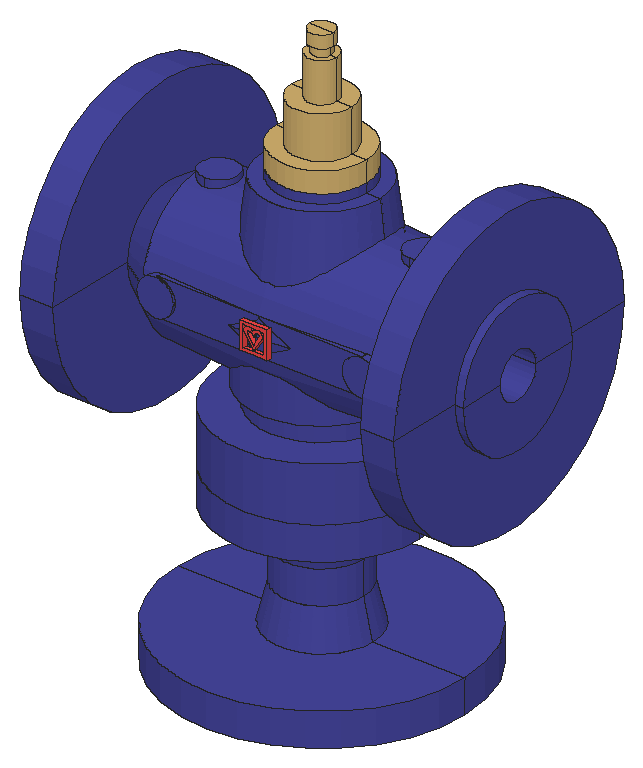
Revit family "Three Port Mixing & Diverting Valves 4037", category Rohrzubehör, Revit 2018
Family settings
  Bemaßung runder Anschluss = Durchmesser verwenden
  Teiletyp = Unterbricht
  OmniClass-Nummer = 23.65.55.14
  OmniClass-Titel = Valves for Liquid Services
  Arbeitsebenenbasiert = Nein
  Immer vertikal = Ja
  Beim Laden mit Abzugskörper schneiden = Nein
  Gemeinsam genutzt = Nein
Parameters (values of type "kvs1.6")
  kvs63 = no
  kvs6.3 = no
  kvs40 = no
  kvs4 = no
  kvs330 = no
  kvs250 = no
  kvs25 = no
  kvs2.5 = no
  kvs160 = no
  kvs16 = no
  kvs100 = no
  kvs10 = no
  kvs1.6 = yes
  kvs1 = no
  Weight [instance] = size_lookup("4037_", "Gewicht", 25, Nennweite)  # 5
  Valve seat material = "WN1.4021"  # constant formula
  Valve cones material = "WN1.4021/brass"  # constant formula
  Valve curves characteristic = "equal percentage"  # constant formula
  URL = "www.herzvalves.com"
  Stem material = "WN1.4404"  # constant formula
  SCTWSEQ = "FW;SBT_TYP_FW=\"101\";3"
  SCTWCODE = "04;05;03"  # constant formula
  SCRNSEQ = "ARM;ARM_TYP=\"MISV\";3"
  SCRNCODE = "05;18;03"  # constant formula
  R14 = 4 mm  # constant formula
  R13 = 3 mm  # constant formula
  R12 = 5 mm  # constant formula
  R11 [instance] = size_lookup("4037_", "R11", 18 mm, Nennweite)  # 10 mm
  R10 [instance] = size_lookup("4037_", "R10", 23 mm, Nennweite)  # 15 mm
  R09 [instance] = size_lookup("4037_", "R9", 49 mm, Nennweite)  # 19.5 mm
  R08 [instance] = R00 + 3 mm  # 29.5 mm
  R07 [instance] = size_lookup("4037_", "R7", 15.5 mm, Nennweite)  # 6 mm
  R06 [instance] = size_lookup("4037_", "R6", 15.5 mm, Nennweite)  # 6 mm
  R05 [instance] = size_lookup("4037_", "R5", 62.5 mm, Nennweite)  # 24 mm
  R04 [instance] = size_lookup("4037_", "R4", 59.5 mm, Nennweite)  # 21 mm
  R03 [instance] = size_lookup("4037_", "R3", 43 mm, Nennweite)  # 32.5 mm
  R02 [instance] = size_lookup("4037_", "R2", 43 mm, Nennweite)  # 14 mm
  R01 [instance] = size_lookup("4037_", "R1", 55.5 mm, Nennweite)  # 17 mm
  R00 [instance] = size_lookup("4037_", "R", 65 mm, Nennweite)  # 26.5 mm
  Part number [instance] = if(and(kvs1, Nennweite = 15 mm), 403701, if(and(kvs1.6, Nennweite = 15 mm), 403711, if(and(kvs2.5, Nennweite = 15 mm), 403721, if(and(kvs4, Nennweite = 15 mm), 403731, if(and(kvs6.3, Nennweite = 25 mm), 403703, if(and(kvs10, Nennweite = 25 mm), 403713, if(and(kvs16, Nennweite = 32 mm), 403704, if(and(kvs25, Nennweite = 40 mm), 403705, if(and(kvs40, Nennweite = 50 mm), 403706, if(and(kvs63, Nennweite = 65 mm), 403707, if(and(kvs100, Nennweite = 80 mm), 403708, if(and(kvs160, Nennweite = 100 mm), 403709, if(and(kvs250, Nennweite = 125 mm), 403710, if(and(kvs330, Nennweite = 150 mm), 403741, 0))))))))))))))  # 403711
  PN = 16  # constant formula
  Nennweite [instance] = 15 mm
  min. Operating temperature = 5 °C  # constant formula
  max. Operating temperature = 150 °C  # constant formula
  max. Operating pressure = 1600000.0 Pa  # constant formula
  Medium = "water purity in accordance with the ÖNORM H 5195 and VDI 2035 standards"
  LO1 [instance] = size_lookup("4037_", "LO1", 28.5 mm, Nennweite)  # 27.5 mm
  L07 [instance] = L06 - R06  # 34 mm
  L06 [instance] = size_lookup("4037_", "L6", 110 mm, Nennweite)  # 40 mm
  L05 [instance] = D00  # 47.5 mm
  L04 = 12.5 mm  # constant formula
  L03 = 10 mm  # constant formula
  L02 [instance] = size_lookup("4037_", "L2", 15 mm, Nennweite)  # 11 mm
  L01 = 3 mm  # constant formula
  L00 [instance] = size_lookup("4037_", "L", 145 mm, Nennweite)  # 65 mm
  Hersteller = "Herz-Armaturen GmbH"  # constant formula
  H16 [instance] = size_lookup("4037_", "H16", 22 mm, Nennweite)  # 18 mm
  H15 = 4 mm  # constant formula
  H14 [instance] = size_lookup("4037_", "H14", 17 mm, Nennweite)  # 13 mm
  H13 [instance] = size_lookup("4037_", "H13", 18 mm, Nennweite)  # 14 mm
  H12 [instance] = size_lookup("4037_", "H12", 10.5 mm, Nennweite)  # 6.8 mm
  H11 [instance] = size_lookup("4037_", "H11", 52.5 mm, Nennweite)  # 40.8 mm
  H10 [instance] = size_lookup("4037_", "H10", 135.4 mm, Nennweite)  # 80.3 mm
  H09 = 3 mm  # constant formula
  H08 [instance] = size_lookup("4037_", "H8", 79 mm, Nennweite)  # 36.5 mm
  H07 [instance] = R00  # 26.5 mm
  H06 [instance] = size_lookup("4037_", "H6", 59 mm, Nennweite)  # 24.5 mm
  H05 [instance] = size_lookup("4037_", "H5", 20 mm, Nennweite)  # 5 mm
  H04 [instance] = size_lookup("4037_", "H4", 17 mm, Nennweite)  # 13 mm
  H02 [instance] = size_lookup("4037_", "H2", 38 mm, Nennweite)  # 11 mm
  H01 [instance] = size_lookup("4037_", "H1", 208 mm, Nennweite)  # 110 mm
  H03 [instance] = size_lookup("4037_", "H3", 112 mm, Nennweite)  # 49 mm
  Valve body material = "EN-GJL-250"  # constant formula
  Sealing element material = "70EPDM"  # constant formula
  DN80 [instance] = Nennweite = 80 mm  # no
  DN65 [instance] = Nennweite = 65 mm  # no
  DN50 [instance] = Nennweite = 50 mm  # no
  DN40 [instance] = Nennweite = 40 mm  # no
  DN32 [instance] = Nennweite = 32 mm  # no
  DN25 [instance] = Nennweite = 25 mm  # no
  DN150 [instance] = Nennweite = 150 mm  # no
  DN15 [instance] = Nennweite = 15 mm  # yes
  DN125 [instance] = Nennweite = 125 mm  # no
  DN100 [instance] = Nennweite = 100 mm  # no
  D02 [instance] = Nennweite / 2  # 7.5 mm
  D01 [instance] = size_lookup("4037_", "D1", 61 mm, Nennweite)  # 22.5 mm
  D00 [instance] = size_lookup("4037_", "D", 92.5 mm, Nennweite)  # 47.5 mm
  Description = "the three port flanged valve is designed to control the flow rate of circulation water in pipelines.\r\nvalve stem with cone is moved by acting of electric actuator controlled by microprocessor controller.\r\ncirculation medium could be cold, warm and hot water in temperature range from 5°C up to 150°C.\r\n\r\nthe valve is utilized in almost all heating, ventilation and air-conditioning systems and in industrial and technological processes.\r\nthe three port flanged valve is used as a mixing valve and in the case when it should change water circulation from one pipeline to another.\r\nthe valve curve is equal percentage.\r\nregulation ratio (ratio between nominal and minimal flow coefficient) is 30:1.\r\nselection of three-way flanged valve is according to diagram of kvs values."
  Type of connection = "EN 1092-2"  # constant formula
Types (15, lengths in mm): name | kvs63 | kvs6.3 | kvs40 | kvs4 | kvs330 | kvs250 | kvs25 | kvs2.5 | kvs160 | kvs16 | kvs100 | kvs10 | kvs1.6 | kvs1 | Weight | R11 | R10 | R09 | R08 | R07 | R06 | R05 | R04 | R03 | R02 | R01 | R00 | Part number | Nennweite | Medium | LO1 | L07 | L06 | L05 | L02 | L00 | H16 | H14 | H13 | H12 | H11 | H10 | H08 | H07 | H06 | H05 | H04 | H02 | H01 | H03 | DN80 | DN65 | DN50 | DN40 | DN32 | DN25 | DN150 | DN15 | DN125 | DN100 | D02 | D01 | D00
  (no name) | no | no | no | no | no | no | no | no | no | no | no | no | yes | no | 5 | 10 | 15 | 19.5 | 29.5 | 6 | 6 | 24 | 21 | 32.5 | 14 | 17 | 26.5 | 403711 | 15 | "water purity in accordance with the ÖNORM H 5195 and VDI 2035 standards" | 27.5 | 34 | 40 | 47.5 | 11 | 65 | 18 | 13 | 14 | 6.8 | 40.8 | 80.3 | 36.5 | 26.5 | 24.5 | 5 | 13 | 11 | 110 | 49 | no | no | no | no | no | no | no | yes | no | no | 7.5 | 22.5 | 47.5
  kvs1 | no | no | no | no | no | no | no | no | no | no | no | no | no | yes | 5 | 10 | 15 | 19.5 | 29.5 | 6 | 6 | 24 | 21 | 32.5 | 14 | 17 | 26.5 | 403701 | 15 | "water purity in accordance with the ÖNORM H 5195 and VDI 2035 standards" | 27.5 | 34 | 40 | 47.5 | 11 | 65 | 18 | 13 | 14 | 6.8 | 40.8 | 80.3 | 36.5 | 26.5 | 24.5 | 5 | 13 | 11 | 110 | 49 | no | no | no | no | no | no | no | yes | no | no | 7.5 | 22.5 | 47.5
  kvs1.6 | no | no | no | no | no | no | no | no | no | no | no | no | yes | no | 5 | 10 | 15 | 19.5 | 29.5 | 6 | 6 | 24 | 21 | 32.5 | 14 | 17 | 26.5 | 403711 | 15 | "water purity in accordance with the ÖNORM H 5195 and VDI 2035 standards" | 27.5 | 34 | 40 | 47.5 | 11 | 65 | 18 | 13 | 14 | 6.8 | 40.8 | 80.3 | 36.5 | 26.5 | 24.5 | 5 | 13 | 11 | 110 | 49 | no | no | no | no | no | no | no | yes | no | no | 7.5 | 22.5 | 47.5
  kvs2.5 | no | no | no | no | no | no | no | yes | no | no | no | no | no | no | 5 | 10 | 15 | 19.5 | 29.5 | 6 | 6 | 24 | 21 | 32.5 | 14 | 17 | 26.5 | 403721 | 15 | "water purity in accordance with the ÖNORM H 5195 and VDI 2035 standards" | 27.5 | 34 | 40 | 47.5 | 11 | 65 | 18 | 13 | 14 | 6.8 | 40.8 | 80.3 | 36.5 | 26.5 | 24.5 | 5 | 13 | 11 | 110 | 49 | no | no | no | no | no | no | no | yes | no | no | 7.5 | 22.5 | 47.5
  kvs4 | no | no | no | yes | no | no | no | no | no | no | no | no | no | no | 5 | 10 | 15 | 19.5 | 29.5 | 6 | 6 | 24 | 21 | 32.5 | 14 | 17 | 26.5 | 403731 | 15 | "water purity in accordance with the ÖNORM H 5195 and VDI 2035 standards" | 27.5 | 34 | 40 | 47.5 | 11 | 65 | 18 | 13 | 14 | 6.8 | 40.8 | 80.3 | 36.5 | 26.5 | 24.5 | 5 | 13 | 11 | 110 | 49 | no | no | no | no | no | no | no | yes | no | no | 7.5 | 22.5 | 47.5
  kvs6.3 | no | yes | no | no | no | no | no | no | no | no | no | no | no | no | 8 | 10 | 15 | 19.5 | 41 | 7 | 7 | 35.5 | 32.5 | 44 | 19.5 | 28.5 | 38 | 403703 | 25 | "water purity in accordance with the ÖNORM H 5195 and VDI 2035 standards" | 40 | 45 | 52 | 57.5 | 13 | 80 | 20 | 13 | 14 | 6.8 | 40.8 | 88.3 | 44.5 | 38 | 35 | 5 | 15 | 3 | 121 | 64 | no | no | no | no | no | yes | no | no | no | no | 12.5 | 34 | 57.5
  kvs10 | no | no | no | no | no | no | no | no | no | no | no | yes | no | no | 8 | 10 | 15 | 19.5 | 41 | 7 | 7 | 35.5 | 32.5 | 44 | 19.5 | 28.5 | 38 | 403713 | 25 | "water purity in accordance with the ÖNORM H 5195 and VDI 2035 standards" | 40 | 45 | 52 | 57.5 | 13 | 80 | 20 | 13 | 14 | 6.8 | 40.8 | 88.3 | 44.5 | 38 | 35 | 5 | 15 | 3 | 121 | 64 | no | no | no | no | no | yes | no | no | no | no | 12.5 | 34 | 57.5
  kvs16 | no | no | no | no | no | no | no | no | no | yes | no | no | no | no | 11.5 | 10 | 15 | 20.5 | 46 | 9 | 9 | 40.5 | 37.5 | 49 | 24.5 | 33.5 | 43 | 403704 | 32 | "water purity in accordance with the ÖNORM H 5195 and VDI 2035 standards" | 45 | 51 | 60 | 70 | 13 | 90 | 20 | 17 | 18 | 10.5 | 52.5 | 102 | 46.5 | 43 | 39 | 15 | 15 | 4 | 142 | 84 | no | no | no | no | yes | no | no | no | no | no | 16 | 39 | 70
  kvs25 | no | no | no | no | no | no | yes | no | no | no | no | no | no | no | 13 | 10 | 15 | 20.5 | 51 | 12 | 12 | 45.5 | 42.5 | 54 | 29 | 38.5 | 48 | 403705 | 40 | "water purity in accordance with the ÖNORM H 5195 and VDI 2035 standards" | 50 | 56 | 68 | 75 | 13 | 100 | 20 | 17 | 18 | 10.5 | 52.5 | 112 | 56.5 | 48 | 43 | 20 | 15 | 1 | 149 | 94 | no | no | no | yes | no | no | no | no | no | no | 20 | 44 | 75
  kvs63 | yes | no | no | no | no | no | no | no | no | no | no | no | no | no | 25 | 18 | 23 | 49 | 68 | 15.5 | 15.5 | 62.5 | 59.5 | 71 | 43 | 55.5 | 65 | 403707 | 65 | "water purity in accordance with the ÖNORM H 5195 and VDI 2035 standards." | 68 | 94.5 | 110 | 92.5 | 15 | 145 | 22 | 17 | 18 | 10.5 | 52.5 | 135.4 | 79 | 65 | 59 | 20 | 17 | 38 | 208 | 112 | no | yes | no | no | no | no | no | no | no | no | 32.5 | 61 | 92.5
  kvs100 | no | no | no | no | no | no | no | no | no | no | yes | no | no | no | 31 | 18 | 23 | 49 | 76 | 15.5 | 15.5 | 70.5 | 67.5 | 79 | 51 | 63.5 | 73 | 403708 | 80 | "water purity in accordance with the ÖNORM H 5195 and VDI 2035 standards" | 77 | 99.5 | 115 | 100 | 17 | 155 | 24 | 17 | 18 | 10.5 | 52.5 | 168.5 | 113 | 73 | 65 | 20 | 19 | 46 | 233 | 125 | yes | no | no | no | no | no | no | no | no | no | 40 | 69 | 100
  kvs160 | no | no | no | no | no | no | no | no | yes | no | no | no | no | no | 46 | 30 | 35 | 61 | 86 | 20.5 | 20.5 | 80.5 | 77.5 | 89 | 61 | 73.5 | 83 | 403709 | 100 | "water purity in accordance with the ÖNORM H 5195 and VDI 2035 standards" | 88 | 112.5 | 133 | 110 | 17 | 175 | 24 | 21 | 22 | 14.2 | 64.2 | 189.7 | 122.5 | 83 | 73 | 25 | 19 | 65 | 262 | 135 | no | no | no | no | no | no | no | no | no | yes | 50 | 79 | 110
  kvs250 | no | no | no | no | no | yes | no | no | no | no | no | no | no | no | 72 | 30 | 35 | 61 | 101 | 20.5 | 20.5 | 95.5 | 92.5 | 104 | 76 | 88.5 | 98 | 403710 | 125 | "water purity in accordance with the ÖNORM H 5195 and VDI 2035 standards" | 103 | 134.5 | 155 | 125 | 19 | 200 | 26 | 21 | 22 | 14.2 | 64.2 | 231 | 163.5 | 98 | 80 | 30 | 21 | 44 | 268 | 158 | no | no | no | no | no | no | no | no | yes | no | 62.5 | 94 | 125
  kvs330 | no | no | no | no | yes | no | no | no | no | no | no | no | no | no | 91 | 30 | 35 | 61 | 113 | 20.5 | 20.5 | 107.5 | 104.5 | 116 | 88 | 100.5 | 110 | 403741 | 150 | "water purity in accordance with the ÖNORM H 5195 and VDI 2035 standards" | 115 | 174.5 | 195 | 142.5 | 19 | 240 | 26 | 21 | 22 | 14.2 | 64.2 | 237.5 | 170 | 110 | 85 | 25 | 21 | 42 | 261 | 153 | no | no | no | no | no | no | yes | no | no | no | 75 | 106 | 142.5
  kvs40 | no | no | yes | no | no | no | no | no | no | no | no | no | no | no | 16 | 18 | 23 | 49 | 56 | 13.5 | 13.5 | 52.5 | 49.5 | 61 | 34 | 45.5 | 53 | 403706 | 50 | "water purity in accordance with the ÖNORM H 5195 and VDI 2035 standards" | 56 | 66.5 | 80 | 82.5 | 15 | 115 | 20 | 17 | 18 | 10.5 | 52.5 | 122 | 66.5 | 53 | 43 | 1 | 15 | 42 | 167 | 67 | no | no | yes | no | no | no | no | no | no | no | 25 | 51 | 82.5
Reference planes
  plane 1 "Mitte (Vorne/hinten)": y = 0
  plane 2: z = 0
  plane 3 "Mitte (Links/rechts)": x = 0
Forms (mm)
  Revolve 1, solid, material "kunststoff-BLAU", detail levels fine
    sketch origin (1065, 0, 0) x (1, 0, 0) y (0, 1, 0)
      loop
        line (-1127, 22.5) -> (-1130, 22.5) -> (-1130, 7.5) -> (-1120, 7.5) -> (-1120, 0) -> (-1010, 0) -> (-1010, 7.5) -> (-1000, 7.5) -> (-1000, 22.5) -> (-1003, 22.5) -> (-1003, 47.5) -> (-1014, 47.5) -> (-1014, 17) -> (-1025, 24.336)
        arc (-1025, 24.336) -> (-1065, 26.5) -> (-1105, 24.336) r 370.831
        line (-1105, 24.336) -> (-1116, 17) -> (-1116, 47.5) -> (-1127, 47.5) -> (-1127, 22.5)
      axis (-1000, 0) -> (-1130, 0)
    angle from 0 to 360
  Extrusion 2, solid, material "kunststoff-BLAU", detail levels fine
    sketch origin (0, 0, 0) x (-1, 0, 0) y (0, 0, -1)
      loop
        circle (34, 0) r 6
      loop
        circle (-34, 0) r 6
    from -26.5 to 26.5
  Extrusion 3, solid, material "kunststoff-BLAU", visible <- "DN65", detail levels fine
    sketch origin (0, 0, 0) x (1, 0, 0) y (0, 1, 0)
      loop
        arc (-95, -56.907) -> (0, -68) -> (95, -56.907) r 412.331
        line (95, -56.907) -> (95, 56.907)
        arc (95, 56.907) -> (0, 68) -> (-95, 56.907) r 412.331
        line (-95, 56.907) -> (-95, -56.907)
    from -15.5 to 15.5
  Revolve 4, solid, material "kunststoff-BLAU", detail levels fine
    sketch origin (0, 0, 0) x (1, 0, 0) y (0, 0, 1)
      loop
        line (-19.5, 36.5) -> (-24, 0) -> (0, 0) -> (0, 39.5) -> (-15, 39.5) -> (-15, 36.5) -> (-19.5, 36.5)
      axis (0, 39.5) -> (0, 0)
    angle from 0 to 360
  Revolve 5, solid, material "kunststoff-BLAU", detail levels fine
    sketch origin (0, 0, 0) x (1, 0, 0) y (0, 0, 1)
      loop
        line (0, 0) -> (-24, 0) -> (-24, -24.5) -> (-21, -26) -> (-21, -31) -> (-32.5, -31) -> (-32.5, -49) -> (0, -49) -> (0, 0)
      axis (0, 0) -> (0, -49)
    angle from 0 to 360
  Revolve 6, solid, material "kunststoff-BLAU", detail levels fine
    sketch origin (0, 0, 0) x (1, 0, 0) y (0, 0, 1)
      loop
        line (-22.5, -107) -> (-22.5, -110) -> (-7.5, -110) -> (-7.5, -100) -> (0, -100) -> (0, -49) -> (-32.5, -49) -> (-32.5, -60) -> (-17, -60) -> (-14, -72.5) -> (-14, -83.5) -> (-17, -96) -> (-47.5, -96) -> (-47.5, -107) -> (-22.5, -107)
      axis (0, -49) -> (0, -110)
    angle from 0 to 360
  Extrusion 7, solid, material "kunststoff-BLAU", detail levels fine
    sketch origin (0, 0, 0) x (0, -1, 0) y (1, 0, 0)
      loop
        circle (0, -34) r 6
      loop
        circle (0, 34) r 6
    from -26.5 to 26.5
  Extrusion 8, solid, material "kunststoff-BLAU", visible <- "DN150", detail levels fine
    sketch origin (0, 0, 0) x (1, 0, 0) y (0, 1, 0)
      loop
        arc (-179.5, -78.475) -> (0, -115) -> (179.5, -78.475) r 459.331
        line (179.5, -78.475) -> (179.5, 78.475)
        arc (179.5, 78.475) -> (0, 115) -> (-179.5, 78.475) r 459.331
        line (-179.5, 78.475) -> (-179.5, -78.475)
    from -20.5 to 20.5
  Extrusion 9, solid, material "kunststoff-BLAU", visible <- "DN125", detail levels fine
    sketch origin (0, 0, 0) x (1, 0, 0) y (0, 1, 0)
      loop
        arc (-134.5, -82.301) -> (0, -103) -> (134.5, -82.301) r 447.331
        line (134.5, -82.301) -> (134.5, 82.301)
        arc (134.5, 82.301) -> (0, 103) -> (-134.5, 82.301) r 447.331
        line (-134.5, 82.301) -> (-134.5, -82.301)
    from -20.5 to 20.5
  Extrusion 10, solid, material "kunststoff-BLAU", visible <- "DN100", detail levels fine
    sketch origin (0, 0, 0) x (1, 0, 0) y (0, 1, 0)
      loop
        arc (-112.5, -73.106) -> (0, -88) -> (112.5, -73.106) r 432.331
        line (112.5, -73.106) -> (112.5, 73.106)
        arc (112.5, 73.106) -> (0, 88) -> (-112.5, 73.106) r 432.331
        line (-112.5, 73.106) -> (-112.5, -73.106)
    from -20.5 to 20.5
  Extrusion 11, solid, material "kunststoff-BLAU", visible <- "DN80", detail levels fine
    sketch origin (0, 0, 0) x (1, 0, 0) y (0, 1, 0)
      loop
        line (99.5, -65.083) -> (99.5, 65.083)
        arc (99.5, 65.083) -> (0, 77) -> (-99.5, 65.083) r 421.331
        line (-99.5, 65.083) -> (-99.5, -65.083)
        arc (-99.5, -65.083) -> (0, -77) -> (99.5, -65.083) r 421.331
    from -15.5 to 15.5
  Extrusion 12, solid, material "kunststoff-BLAU", visible <- "DN50", detail levels fine
    sketch origin (0, 0, 0) x (1, 0, 0) y (0, 1, 0)
      loop
        arc (-66.5, -50.44) -> (0, -56.006) -> (66.5, -50.44) r 400.05
        line (66.5, -50.44) -> (66.5, 50.44)
        arc (66.5, 50.44) -> (0, 56.006) -> (-66.5, 50.44) r 400.05
        line (-66.5, 50.44) -> (-66.5, -50.44)
    from -13.5 to 13.5
  Extrusion 13, solid, material "kunststoff-BLAU", visible <- "DN40", detail levels fine
    sketch origin (0, 0, 0) x (1, 0, 0) y (0, 1, 0)
      loop
        arc (-56, -46.003) -> (0, -50) -> (56, -46.003) r 394.331
        line (56, -46.003) -> (56, 46.003)
        arc (56, 46.003) -> (0, 50) -> (-56, 46.003) r 394.331
        line (-56, 46.003) -> (-56, -46.003)
    from -12 to 12
  Extrusion 14, solid, material "kunststoff-BLAU", visible <- "DN32", detail levels fine
    sketch origin (0, 0, 0) x (1, 0, 0) y (0, 1, 0)
      loop
        arc (-51, -41.645) -> (0, -45) -> (51, -41.645) r 389.331
        line (51, -41.645) -> (51, 41.645)
        arc (51, 41.645) -> (0, 45) -> (-51, 41.645) r 389.331
        line (-51, 41.645) -> (-51, -41.645)
    from -9 to 9
  Extrusion 15, solid, material "kunststoff-BLAU", visible <- "DN25", detail levels fine
    sketch origin (0, 0, 0) x (1, 0, 0) y (0, 1, 0)
      loop
        line (45, -37.356) -> (45, 37.356)
        arc (45, 37.356) -> (0, 40) -> (-45, 37.356) r 384.331
        line (-45, 37.356) -> (-45, -37.356)
        arc (-45, -37.356) -> (0, -40) -> (45, -37.356) r 384.331
    from -7 to 7
  Extrusion 16, solid, material "kunststoff-BLAU", visible <- "DN15", detail levels fine
    sketch origin (0, 0, 0) x (1, 0, 0) y (0, 1, 0)
      loop
        line (-34, 25.942) -> (-34, -25.942)
        arc (-34, -25.942) -> (0, -27.5) -> (34, -25.942) r 371.831
        line (34, -25.942) -> (34, 25.942)
        arc (34, 25.942) -> (0, 27.5) -> (-34, 25.942) r 371.831
    from -6 to 6
  Revolve 17, solid, material "Messing-poliert", detail levels fine
    sketch origin (0, 0, 0) x (1, 0, 0) y (0, 0, 1)
      loop
        line (-15, 46.3) -> (-15, 39.5) -> (0, 39.5) -> (0, 80.3) -> (-4, 80.3) -> (-4, 76.3) -> (-3, 76.3) -> (-3, 73.3) -> (-5, 73.3) -> (-5, 60.3) -> (-10, 60.3) -> (-10, 46.3) -> (-15, 46.3)
      axis (0, 80.3) -> (0, 39.5)
    angle from 0 to 360
Lines and regions (mm)
  model lines, detail levels coarse+medium
    curve 1: line (-65, 0, 47.5) -> (-65, 0, -47.5)
    curve 2: line (-65, 0, -47.5) -> (65, 0, 47.5)
    curve 3: line (65, 0, 47.5) -> (65, 0, -47.5)
    curve 4: line (65, 0, -47.5) -> (-65, 0, 47.5)
    curve 5: line (0, 0, 0) -> (47.5, 0, -110)
    curve 6: line (47.5, 0, -110) -> (-47.5, 0, -110)
    curve 7: line (-47.5, 0, -110) -> (0, 0, 0)
    curve 8: line (-65, 47.5, 0) -> (-65, -47.5, 0)
    curve 9: line (-65, -47.5, 0) -> (65, 47.5, 0)
    curve 10: line (65, 47.5, 0) -> (65, -47.5, 0)
    curve 11: line (65, -47.5, 0) -> (-65, 47.5, 0)
    curve 12: line (0, 0, 0) -> (47.5, -110, 0)
    curve 13: line (47.5, -110, 0) -> (-47.5, -110, 0)
    curve 14: line (-47.5, -110, 0) -> (0, 0, 0)
Dimensions and locks
  "L00": Revolve 1 sketch curve to plane 3 "Mitte (Links/rechts)" to Revolve 1 sketch curve
  "D00": plane 1 "Mitte (Vorne/hinten)" to Revolve 1 sketch curve  (x2)
  "D02": plane 1 "Mitte (Vorne/hinten)" to Revolve 1 sketch curve  (x2)
  "L01": Revolve 1 sketch curve to Revolve 1 sketch curve  (x2)
  "L02": Revolve 1 sketch curve to Revolve 1 sketch curve  (x2)
  "D01": plane 1 "Mitte (Vorne/hinten)" to Revolve 1 sketch curve  (x2)
  "R01": plane 1 "Mitte (Vorne/hinten)" to Revolve 1 sketch curve  (x2)
  "R00": Revolve 1 sketch curve to Revolve 1 sketch curve
  "L03": Revolve 1 sketch curve to Revolve 1 sketch curve  (x2)
  "D02": plane 3 "Mitte (Links/rechts)" to Revolve 6 sketch curve
  "R02": plane 3 "Mitte (Links/rechts)" to Revolve 6 sketch curve
  "R01": plane 3 "Mitte (Links/rechts)" to Revolve 6 sketch curve  (x2)
  "D01": plane 3 "Mitte (Links/rechts)" to Revolve 6 sketch curve
  "D00": plane 3 "Mitte (Links/rechts)" to Revolve 6 sketch curve
  "H01": plane 2 to Revolve 6 sketch curve
  "L01": Revolve 6 sketch curve to Revolve 6 sketch curve
  "L02": Revolve 6 sketch curve to Revolve 6 sketch curve  (x2)
  "L03": Revolve 6 sketch curve to Revolve 6 sketch curve
  "R03": plane 3 "Mitte (Links/rechts)" to Revolve 6 sketch curve
  "L04": Revolve 6 sketch curve to Revolve 6 sketch curve  (x2)
  "R03": Revolve 5 sketch curve to Revolve 5 sketch curve
  "H03": plane 2 to Revolve 5 sketch curve
  "H06": Revolve 5 sketch curve to Revolve 5 sketch curve
  "R04": Revolve 5 sketch curve to Revolve 5 sketch curve
  "R05": Revolve 5 sketch curve to Revolve 5 sketch curve
  "H05": Revolve 5 sketch curve to Revolve 5 sketch curve
  "L06": Revolve 1 sketch curve to plane 3 "Mitte (Links/rechts)" to Revolve 1 sketch curve
  "H03": plane 2 to Revolve 6 sketch curve
  "R09": Revolve 4 sketch curve to Revolve 4 sketch curve
  "R05": Revolve 4 sketch curve to Revolve 4 sketch curve
  "H07": Extrusion 7 to plane 2 to Extrusion 7  (x2)
  "L07": plane 3 "Mitte (Links/rechts)" to Extrusion 7 sketch curve
  "L07": Extrusion 7 sketch curve to plane 3 "Mitte (Links/rechts)"
  "H07": Extrusion 2 to plane 1 "Mitte (Vorne/hinten)"  (x3)
  "L07": plane 3 "Mitte (Links/rechts)" to Extrusion 2 sketch curve
  "L07": Extrusion 2 sketch curve to plane 3 "Mitte (Links/rechts)"
  "H07": plane 1 "Mitte (Vorne/hinten)" to Extrusion 2
  "H08": Revolve 4 sketch curve to plane 2
  "H09": Revolve 4 sketch curve to Revolve 4 sketch curve
  "R10": plane 3 "Mitte (Links/rechts)" to Revolve 4 sketch curve
  "H11": Revolve 17 sketch curve to Revolve 17 sketch curve
  "H10": Revolve 17 sketch curve to plane 2
  "R10": plane 3 "Mitte (Links/rechts)" to Revolve 17 sketch curve
  "H12": Revolve 17 sketch curve to Revolve 17 sketch curve
  "H13": Revolve 17 sketch curve to Revolve 17 sketch curve
  "H14": Revolve 17 sketch curve to Revolve 17 sketch curve
  "H15": Revolve 17 sketch curve to Revolve 17 sketch curve
  "R14": plane 3 "Mitte (Links/rechts)" to Revolve 17 sketch curve
  "R13": plane 3 "Mitte (Links/rechts)" to Revolve 17 sketch curve
  "R11": plane 3 "Mitte (Links/rechts)" to Revolve 17 sketch curve
  "R12": plane 3 "Mitte (Links/rechts)" to Revolve 17 sketch curve
  "LO1": nested 1 to plane 1 "Mitte (Vorne/hinten)"
  "H16": Revolve 5 sketch curve to Revolve 6
  "L00": curve 1 to plane 3 "Mitte (Links/rechts)" to curve 3
  "D00": curve 3 to plane 2 to curve 4
  "D00": curve 4 to plane 2 to curve 2
  "H01": plane 2 to curve 6
  "D00": curve 6 to plane 3 "Mitte (Links/rechts)" to curve 7
  "L00": curve 8 to plane 3 "Mitte (Links/rechts)" to curve 10
  "D00": curve 11 to plane 1 "Mitte (Vorne/hinten)" to curve 10
  "D00": curve 9 to plane 1 "Mitte (Vorne/hinten)" to curve 11
  "H01": curve 13 to plane 1 "Mitte (Vorne/hinten)"
  "D00": curve 14 to plane 3 "Mitte (Links/rechts)" to curve 13
  "R06": radius of Extrusion 7 sketch curve  (x2)
  "R07": radius of Extrusion 2 sketch curve  (x2)
  aligned and locked: level to plane 2
Automatic sketch dimensions
  Extrusion 3 sketch curve to plane 1 "Mitte (Vorne/hinten)" = 56.907 mm  (x2)
  Extrusion 3 sketch curve to plane 3 "Mitte (Links/rechts)" = 0 mm  (x2)
  Extrusion 3 sketch curve to Extrusion 3 sketch curve = 113.814 mm
  Extrusion 3 sketch curve to Extrusion 3 sketch curve = 287.425 mm
  Extrusion 3 sketch curve to plane 1 "Mitte (Vorne/hinten)" = 344.331 mm
  plane 3 "Mitte (Links/rechts)" to Extrusion 3 sketch curve = 95 mm
  Extrusion 8 sketch curve to plane 3 "Mitte (Links/rechts)" = 0 mm  (x2)
  Extrusion 8 sketch curve to plane 1 "Mitte (Vorne/hinten)" = 78.475 mm  (x2)
  plane 1 "Mitte (Vorne/hinten)" to Extrusion 8 sketch curve = 78.475 mm
  Extrusion 8 sketch curve to plane 3 "Mitte (Links/rechts)" = 179.5 mm
  Extrusion 8 sketch curve to Extrusion 8 sketch curve = 265.857 mm
  Extrusion 8 sketch curve to plane 1 "Mitte (Vorne/hinten)" = 344.331 mm
  plane 3 "Mitte (Links/rechts)" to Extrusion 9 sketch curve = 134.5 mm
  plane 1 "Mitte (Vorne/hinten)" to Extrusion 9 sketch curve = 82.301 mm  (x2)
  Extrusion 9 sketch curve to plane 3 "Mitte (Links/rechts)" = 0 mm  (x2)
  Extrusion 9 sketch curve to Extrusion 9 sketch curve = 262.031 mm  (x2)
  Extrusion 9 sketch curve to plane 1 "Mitte (Vorne/hinten)" = 82.301 mm
  Extrusion 10 sketch curve to plane 3 "Mitte (Links/rechts)" = 0 mm  (x2)
  plane 1 "Mitte (Vorne/hinten)" to Extrusion 10 sketch curve = 73.106 mm
  Extrusion 10 sketch curve to plane 3 "Mitte (Links/rechts)" = 112.5 mm
  Extrusion 10 sketch curve to Extrusion 10 sketch curve = 271.225 mm
  Extrusion 10 sketch curve to plane 1 "Mitte (Vorne/hinten)" = 344.331 mm
  Extrusion 10 sketch curve to plane 1 "Mitte (Vorne/hinten)" = 73.106 mm  (x2)
  Extrusion 11 sketch curve to plane 3 "Mitte (Links/rechts)" = 0 mm  (x2)
  plane 1 "Mitte (Vorne/hinten)" to Extrusion 11 sketch curve = 65.083 mm  (x2)
  Extrusion 11 sketch curve to plane 3 "Mitte (Links/rechts)" = 99.5 mm
  Extrusion 11 sketch curve to Extrusion 11 sketch curve = 279.249 mm
  Extrusion 11 sketch curve to plane 1 "Mitte (Vorne/hinten)" = 344.331 mm
  Extrusion 11 sketch curve to plane 1 "Mitte (Vorne/hinten)" = 65.083 mm
  Extrusion 12 sketch curve to plane 3 "Mitte (Links/rechts)" = 0 mm  (x2)
  Extrusion 12 sketch curve to plane 3 "Mitte (Links/rechts)" = 66.5 mm
  plane 3 "Mitte (Links/rechts)" to Extrusion 12 sketch curve = 66.5 mm
  plane 1 "Mitte (Vorne/hinten)" to Extrusion 12 sketch curve = 344.044 mm
  plane 1 "Mitte (Vorne/hinten)" to Extrusion 12 sketch curve = 50.44 mm
  Extrusion 12 sketch curve to plane 1 "Mitte (Vorne/hinten)" = 50.44 mm
  Extrusion 12 sketch curve to Extrusion 12 sketch curve = 293.604 mm
  Extrusion 13 sketch curve to plane 3 "Mitte (Links/rechts)" = 0 mm  (x2)
  Extrusion 13 sketch curve to plane 3 "Mitte (Links/rechts)" = 56 mm
  plane 3 "Mitte (Links/rechts)" to Extrusion 13 sketch curve = 56 mm
  plane 1 "Mitte (Vorne/hinten)" to Extrusion 13 sketch curve = 344.331 mm
  plane 1 "Mitte (Vorne/hinten)" to Extrusion 13 sketch curve = 46.003 mm
  Extrusion 13 sketch curve to plane 1 "Mitte (Vorne/hinten)" = 46.003 mm
  Extrusion 13 sketch curve to Extrusion 13 sketch curve = 298.328 mm
  Extrusion 14 sketch curve to plane 3 "Mitte (Links/rechts)" = 0 mm  (x2)
  Extrusion 14 sketch curve to plane 3 "Mitte (Links/rechts)" = 51 mm
  plane 3 "Mitte (Links/rechts)" to Extrusion 14 sketch curve = 51 mm
  plane 1 "Mitte (Vorne/hinten)" to Extrusion 14 sketch curve = 344.331 mm
  plane 1 "Mitte (Vorne/hinten)" to Extrusion 14 sketch curve = 41.645 mm
  Extrusion 14 sketch curve to plane 1 "Mitte (Vorne/hinten)" = 41.645 mm
  Extrusion 14 sketch curve to Extrusion 14 sketch curve = 302.686 mm
  Extrusion 15 sketch curve to plane 3 "Mitte (Links/rechts)" = 0 mm  (x2)
  Extrusion 15 sketch curve to plane 3 "Mitte (Links/rechts)" = 45 mm
  plane 3 "Mitte (Links/rechts)" to Extrusion 15 sketch curve = 45 mm
  plane 1 "Mitte (Vorne/hinten)" to Extrusion 15 sketch curve = 344.331 mm
  plane 1 "Mitte (Vorne/hinten)" to Extrusion 15 sketch curve = 37.356 mm
  Extrusion 15 sketch curve to plane 1 "Mitte (Vorne/hinten)" = 37.356 mm
  Extrusion 15 sketch curve to Extrusion 15 sketch curve = 306.975 mm
  Extrusion 16 sketch curve to plane 3 "Mitte (Links/rechts)" = 0 mm  (x2)
  Extrusion 16 sketch curve to plane 3 "Mitte (Links/rechts)" = 34 mm
  plane 3 "Mitte (Links/rechts)" to Extrusion 16 sketch curve = 34 mm
  plane 1 "Mitte (Vorne/hinten)" to Extrusion 16 sketch curve = 344.331 mm
  plane 1 "Mitte (Vorne/hinten)" to Extrusion 16 sketch curve = 25.942 mm
  Extrusion 16 sketch curve to plane 1 "Mitte (Vorne/hinten)" = 25.942 mm
  Extrusion 16 sketch curve to Extrusion 16 sketch curve = 318.389 mm
  curve 5 to level = 0 mm
  plane 1 "Mitte (Vorne/hinten)" to curve 12 = 0 mm
  Revolve 1 sketch curve to plane 1 "Mitte (Vorne/hinten)" = 0 mm
  Revolve 1 sketch curve to plane 3 "Mitte (Links/rechts)" = 0 mm
  plane 1 "Mitte (Vorne/hinten)" to Revolve 1 sketch curve = 0 mm
  plane 1 "Mitte (Vorne/hinten)" to Revolve 1 sketch curve = 344.331 mm
  Revolve 1 sketch curve to Revolve 1 sketch curve = 1855 mm  (x2)
  Extrusion 2 sketch curve to level = 0 mm  (x2)
  Revolve 4 sketch curve to level = 0 mm
  Revolve 4 sketch curve to plane 3 "Mitte (Links/rechts)" = 0 mm  (x2)
  Revolve 4 sketch curve to Revolve 4 sketch curve = 366.045 mm
  Revolve 4 sketch curve to Revolve 4 sketch curve = 2132.315 mm
  Revolve 5 sketch curve to level = 0 mm
  Revolve 5 sketch curve to plane 3 "Mitte (Links/rechts)" = 0 mm  (x2)
  Revolve 5 sketch curve to Revolve 5 sketch curve = 254.045 mm
  level to Revolve 5 sketch curve = 2214.315 mm
  Revolve 6 sketch curve to plane 3 "Mitte (Links/rechts)" = 0 mm  (x2)
  Revolve 6 sketch curve to Revolve 6 sketch curve = 158.045 mm
  level to Revolve 6 sketch curve = 2214.315 mm
  plane 1 "Mitte (Vorne/hinten)" to Extrusion 7 sketch curve = 0 mm  (x2)
  Revolve 17 sketch curve to plane 3 "Mitte (Links/rechts)" = 0 mm  (x2)
  Revolve 17 sketch curve to level = 366.045 mm
  Revolve 17 sketch curve to Revolve 17 sketch curve = 2079.815 mm
Nested families
  nested 1: "Herz-Logo-vorne" at (-0.018, -27.5, 0) x (0, 1, 0) z (0, 0, 1), type "Herz-Logo-vorne", detail levels fine
Connectors
  piping at (-65, 0, 0), diameter 15, driven by "Nennweite"
    settings: on Revolve 1, index 1, connector inside diameter 609.6 mm, connector length 0 mm, flow factor 0, pipe flow 0.0 L/s, pressure drop 0.0 Pa, fitting loss kfactor 0, connector angle 0.00°, fixture units 0, engagement length 0 mm, angle of deflection 0.00°, flow configuration 0, flow direction 1, fitting loss method 0, system type 29, joint type 0, gender type 0, connector reference index -1, connector utility 0, adjustable connector no, is connector primary yes, connector description ""
  piping at (65, 0, 0), diameter 15, driven by "Nennweite"
    settings: on Revolve 1, index 2, connector inside diameter 609.6 mm, connector length 0 mm, flow factor 0, pipe flow 0.0 L/s, pressure drop 0.0 Pa, fitting loss kfactor 0, connector angle 0.00°, fixture units 0, engagement length 0 mm, angle of deflection 0.00°, flow configuration 0, flow direction 2, fitting loss method 0, system type 29, joint type 0, gender type 0, connector reference index -1, connector utility 0, adjustable connector no, is connector primary no, connector description ""
  piping at (0, 0, -110), diameter 15, driven by "Nennweite"
    settings: on Revolve 6, index 3, connector inside diameter 609.6 mm, connector length 0 mm, flow factor 0, pipe flow 0.0 L/s, pressure drop 0.0 Pa, fitting loss kfactor 0, connector angle 0.00°, fixture units 0, engagement length 0 mm, angle of deflection 0.00°, flow configuration 0, flow direction 1, fitting loss method 0, system type 29, joint type 0, gender type 0, connector reference index -1, connector utility 0, adjustable connector no, is connector primary no, connector description ""
Definition of nested family "Herz-Logo-vorne"
  Reference planes
    plane 1 "Mitte (Vorne/hinten)": y = 0
    plane 2: z = 0
    plane 3 "Mitte (Links/rechts)": x = 0
  Forms (mm)
    Extrusion 1, solid
      sketch origin (0.732, -0.018, 0.017) x (0, -1, 0) y (0, 0, 1)
        loop
          line (-0.018, -4.517) -> (4.482, -4.517) -> (4.482, 4.483) -> (-4.518, 4.483) -> (-4.518, -4.517) -> (-0.018, -4.517)
        loop
          line (-0.05, -3.48) -> (3.482, -3.48) -> (3.482, 3.483) -> (-3.518, 3.483) -> (-3.518, -3.48) -> (-0.05, -3.48)
        loop
          arc (-0.018, 2.383) -> (-1.543, 3.287) -> (-3.067, 2.383) r 1.738
          arc (-3.067, 2.383) -> (-3.191, 1.899) -> (-3.067, 1.415) r 1.009
          line (-3.067, 1.415) -> (-0.018, -3.281) -> (3.032, 1.415)
          arc (3.032, 1.415) -> (3.156, 1.899) -> (3.032, 2.383) r 1.009
          arc (3.032, 2.383) -> (1.507, 3.287) -> (-0.018, 2.383) r 1.738
        loop
          arc (1.885, 1.272) -> (2.005, 1.675) -> (1.885, 2.079) r 0.74
          arc (1.885, 2.079) -> (1.265, 2.416) -> (0.644, 2.079) r 0.74
          line (0.644, 2.079) -> (-0.018, 0.97) -> (-0.679, 2.079)
          arc (-0.679, 2.079) -> (-1.3, 2.416) -> (-1.921, 2.079) r 0.74
          arc (-1.921, 2.079) -> (-2.04, 1.675) -> (-1.921, 1.272) r 0.74
          line (-1.921, 1.272) -> (-0.018, -1.658) -> (1.885, 1.272)
      from 0 to 1.5
  Dimensions and locks
    aligned and locked: level to plane 2
